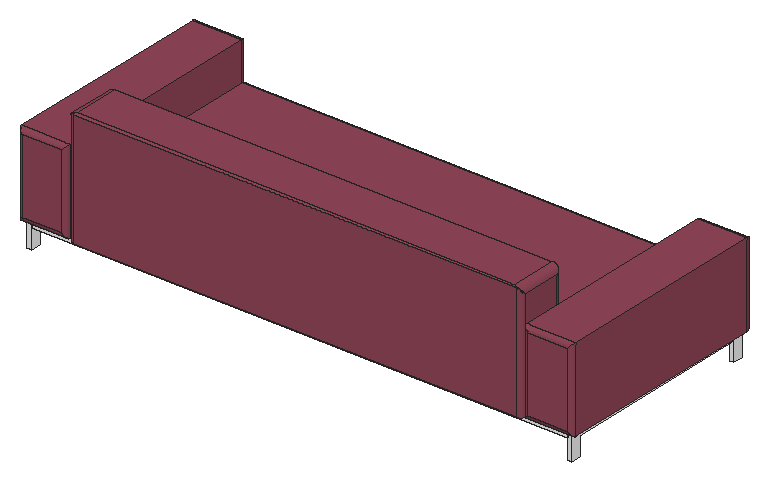
Revit family "450cea0c2b9146d3a91fcb30860db7aa", category Mobilier, Revit 2021
Family settings
  Basée sur le plan de construction = Non
  Toujours verticalement = Oui
  Couper avec des vides une fois chargée = Non
  Partagée = Non
  Point de calcul de pièce = Non
Parameters (values of type "3 emplacements (230 x 92 cm)")
  Manufacturer = ""
  Pieds = Métal - Chrome
  Canapé [instance] = Cuir - Bordeaux
  Elévation par défaut = 0 mm
Reference planes
  plane 1 "Centre (avant/arrière)": y = 0
  plane 2: z = 0
  plane 3 "Centre (gauche/droite)": x = 0
Forms (mm)
  Extrusion 1, solid, material "Métal - Chrome" <- "Pieds"
    sketch origin (0, 0, 0) x (0, 1, 0) y (0, 0, 1)
      loop
        line (24.227, 101.88) -> (24.227, 0) -> (64.328, 0) -> (64.328, 79.333) -> (864.671, 79.333) -> (864.671, 0) -> (903.936, 0) -> (903.936, 101.88) -> (24.227, 101.88)
    from 1112.496 to 1132.465
  Extrusion 2, solid, material "Cuir - Bordeaux" <- "Canapé"
    sketch origin (900, 0.789, 0) x (0, 1, 0) y (0, 0, 1)
      loop
        arc (20, 450.111) -> (5.858, 444.253) -> (0, 430.111) r 20
        line (0, 430.111) -> (0, 121.88)
        arc (0, 121.88) -> (5.858, 107.738) -> (20, 101.88) r 20
        line (20, 101.88) -> (906.409, 101.88)
        arc (906.409, 101.88) -> (920.551, 107.738) -> (926.409, 121.88) r 20
        line (926.409, 121.88) -> (926.409, 430.111)
        arc (926.409, 430.111) -> (920.551, 444.253) -> (906.409, 450.111) r 20
        line (906.409, 450.111) -> (20, 450.111)
    from 48.111 to 251.449
  Extrusion 3, void
    sketch origin (0, 0, 0) x (1, 0, 0) y (0, 1, 0)
      loop
        line (948.111, 907.198) -> (948.111, 20.789)
        arc (948.111, 20.789) -> (953.969, 6.647) -> (968.111, 0.789) r 20
        line (968.111, 0.789) -> (1131.449, 0.789)
        arc (1131.449, 0.789) -> (1145.591, 6.647) -> (1151.449, 20.789) r 20
        line (1151.449, 20.789) -> (1151.449, 907.198)
        arc (1151.449, 907.198) -> (1145.591, 921.34) -> (1131.449, 927.198) r 20
        line (1131.449, 927.198) -> (968.111, 927.198)
        arc (968.111, 927.198) -> (953.969, 921.34) -> (948.111, 907.198) r 20
      loop
        line (910.72, 960.165) -> (910.72, -59.835) -> (1190.72, -59.835) -> (1190.72, 960.165) -> (910.72, 960.165)
    from 0 to 710.849
  Extrusion 4, solid, material "Métal - Chrome" <- "Pieds"
    sketch origin (-2245.131, 0, 0) x (0, 1, 0) y (0, 0, 1)
      loop
        line (24.227, 101.88) -> (24.227, 0) -> (64.328, 0) -> (64.328, 79.333) -> (864.671, 79.333) -> (864.671, 0) -> (903.936, 0) -> (903.936, 101.88) -> (24.227, 101.88)
    from 1112.496 to 1132.465
  Extrusion 5, solid, material "Cuir - Bordeaux" <- "Canapé"
    sketch origin (-900, 0.789, 0) x (0, 1, 0) y (0, 0, -1)
      loop
        line (20, -450.111) -> (906.409, -450.111)
        arc (906.409, -450.111) -> (920.551, -444.253) -> (926.409, -430.111) r 20
        line (926.409, -430.111) -> (926.409, -121.88)
        arc (926.409, -121.88) -> (920.551, -107.738) -> (906.409, -101.88) r 20
        line (906.409, -101.88) -> (20, -101.88)
        arc (20, -101.88) -> (5.858, -107.738) -> (0, -121.88) r 20
        line (0, -121.88) -> (0, -430.111)
        arc (0, -430.111) -> (5.858, -444.253) -> (20, -450.111) r 20
    from 48.111 to 251.449
  Extrusion 6, void
    sketch origin (0, 0, 0) x (-1, 0, 0) y (0, -1, 0)
      loop
        arc (948.111, -907.198) -> (953.969, -921.34) -> (968.111, -927.198) r 20
        line (968.111, -927.198) -> (1131.449, -927.198)
        arc (1131.449, -927.198) -> (1145.591, -921.34) -> (1151.449, -907.198) r 20
        line (1151.449, -907.198) -> (1151.449, -20.789)
        arc (1151.449, -20.789) -> (1145.591, -6.647) -> (1131.449, -0.789) r 20
        line (1131.449, -0.789) -> (968.111, -0.789)
        arc (968.111, -0.789) -> (953.969, -6.647) -> (948.111, -20.789) r 20
        line (948.111, -20.789) -> (948.111, -907.198)
      loop
        line (910.72, -960.165) -> (1190.72, -960.165) -> (1190.72, 59.835) -> (910.72, 59.835) -> (910.72, -960.165)
    from 0 to 710.849
  Extrusion 7, solid, material "Cuir - Bordeaux" <- "Canapé"
    sketch origin (0, 0, 0) x (1, 0, 0) y (0, 1, 0)
      loop
        arc (-941.612, 25.268) -> (-934.385, 7.417) -> (-916.613, 0) r 25
        line (-916.613, 0) -> (921.69, 0)
        arc (921.69, 0) -> (935.832, 5.858) -> (941.69, 20) r 20
        line (941.69, 20) -> (941.69, 181.904)
        arc (941.69, 181.904) -> (935.832, 196.046) -> (921.69, 201.904) r 20
        line (921.69, 201.904) -> (-919.932, 201.904)
        arc (-919.932, 201.904) -> (-933.998, 196.121) -> (-939.931, 182.118) r 20
        line (-939.931, 182.118) -> (-941.612, 25.268)
    from 101.88 to 607.612
  Extrusion 8, void
    sketch origin (0, 0, 0) x (0, 1, 0) y (0, 0, 1)
      loop
        line (-5, 430.111) -> (-4.497, 569.507)
        arc (-4.497, 569.507) -> (1.361, 583.649) -> (15.503, 589.507) r 20
        line (15.503, 589.507) -> (192.25, 589.507)
        arc (192.25, 589.507) -> (206.392, 583.649) -> (212.25, 569.507) r 20
        line (212.25, 569.507) -> (212.25, 450.111) -> (250, 450.111) -> (250, 635.111) -> (-45, 635.111) -> (-45, 430.111) -> (-5, 430.111)
    from -1224.882 to 1308.573
  Extrusion 9, void
    sketch origin (0, 0, 0) x (1, 0, 0) y (0, 0, 1)
      loop
        line (-942.725, 264.164) -> (-942.725, 552.023)
        arc (-942.725, 552.023) -> (-932.474, 576.771) -> (-907.725, 587.023) r 35
        line (-907.725, 587.023) -> (907.283, 587.023)
        arc (907.283, 587.023) -> (932.031, 576.771) -> (942.283, 552.023) r 35
        line (942.283, 552.023) -> (942.283, 244.164) -> (997.275, 244.164) -> (997.275, 684.164) -> (-1042.725, 684.164) -> (-1042.725, 264.164) -> (-942.725, 264.164)
    from -335.382 to 250
  Extrusion 10, solid, material "Cuir - Bordeaux" <- "Canapé"
    sketch origin (0, 0, 0) x (0, 1, 0) y (0, 0, 1)
      loop
        line (201.904, 101.88) -> (905, 101.88)
        arc (905, 101.88) -> (919.142, 107.738) -> (925, 121.88) r 20
        line (925, 121.88) -> (925, 271.88)
        arc (925, 271.88) -> (919.142, 286.023) -> (905, 291.88) r 20
        line (905, 291.88) -> (201.904, 291.88) -> (201.904, 101.88)
    from -940.46 to 941.69
  Extrusion 11, solid, material "Métal - Chrome" <- "Pieds", detail levels medium+fine
    sketch origin (0, 0, 0) x (1, 0, 0) y (0, 0, 1)
      loop
        line (-1112.665, 79.333) -> (1112.496, 79.333) -> (1112.496, 101.88) -> (-1112.665, 101.88) -> (-1112.665, 79.333)
    from -64.328 to -24.227
  Extrusion 12, solid, material "Métal - Chrome" <- "Pieds", detail levels medium+fine
    sketch origin (0, 839.608, 0) x (1, 0, 0) y (0, 0, 1)
      loop
        line (-1112.665, 79.333) -> (1112.496, 79.333) -> (1112.496, 101.88) -> (-1112.665, 101.88) -> (-1112.665, 79.333)
    from -64.328 to -24.227
Cuts and joins
  Extrusion 3, Extrusion 6 cuts Extrusion 1
  Extrusion 3, Extrusion 6 cuts Extrusion 2
  Extrusion 6 cuts Extrusion 4
  Extrusion 6 cuts Extrusion 5
  Extrusion 8, Extrusion 9 cuts Extrusion 7
Lines and regions (mm)
  model lines, detail levels medium+fine
    curve 1: line (-940.46, 446.951, 291.88) -> (948.111, 446.951, 291.88)
    curve 2: line (941.69, 678.411, 291.88) -> (-940.46, 678.411, 291.88)
    curve 3: line (-697.319, 874.422, 291.88) -> (-697.319, 208.044, 291.88)
    curve 4: line (-461.515, 874.422, 291.88) -> (-461.515, 208.044, 291.88)
    curve 5: line (-232.083, 874.422, 291.88) -> (-232.083, 208.044, 291.88)
    curve 6: line (0, 874.422, 291.88) -> (0, 208.044, 291.88)
    curve 7: line (235.278, 874.422, 291.88) -> (235.278, 208.044, 291.88)
    curve 8: line (466.834, 874.422, 291.88) -> (466.834, 208.044, 291.88)
    curve 9: line (700.514, 874.422, 291.88) -> (700.514, 208.044, 291.88)
Dimensions and locks
  aligned and locked: Extrusion 11 sketch curve to cut or joined group of Extrusion 4, Extrusion 6
  aligned and locked: Extrusion 11 sketch curve to cut or joined group of Extrusion 1, Extrusion 3, Extrusion 6
  aligned and locked: Extrusion 11 to cut or joined group of Extrusion 4, Extrusion 6
  aligned and locked: cut or joined group of Extrusion 4, Extrusion 6 to Extrusion 11
